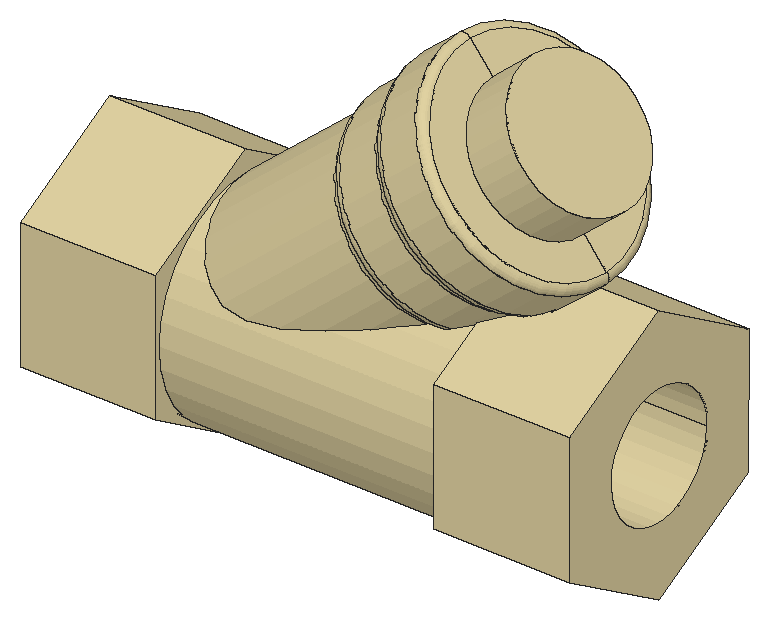
Revit family "DA02520000", category Apparecchi idraulici, Revit 2020
Family settings
  Quota connettore circolare = Usa diametro
  Tipo di parte = Normale
  Numero OmniClass = 23.45.00.00
  Titolo OmniClass = Sanitary, Laundry, and Cleaning Equipment
  Basato su piano di lavoro = No
  Sempre verticale = Sì
  Taglio con vuoti quando caricato = No
  Condiviso = No
  Punto di calcolo locali = No
Parameters
  URL = "https://web.cimberio.com/index.php/figura/671?subcategoria_id=33"
  Temperatura di esercizio = "-10 ÷ 60°C"
  Prospetto di default = 0 mm
  Produttore = "CIMBERIO SPA"
  Pressione nominale = "PN 20"
  Modello = "Cim 74AGCR"
  Materiale = "Prodotto in lega di ottone “CR” – “DZR\" conforme alla norma EN 1982-CC770S"
  Descrizione = "Utilizzato nell’impiantistica distributiva di gas a bassa pressione per le categorie:\r\nGas naturali: gas derivati dal petrolio (Metano) e gas di ricambio.\r\nGas di città: prodotti secondo i diversi procedimenti (Cracking - Cokerie - ecc.).\r\nGas liquidi: propano e miscele di gas propano/butano.\r\nProtegge e risolve le problematiche di installazione nella filtrazione dei gas, trattenendo impurità, sabbia, ruggine, trucioli metallici presenti nelle condutture, assicurando così una protezione totale all’impianto"
  DN Model [instance] = DA02521015 : DA02521015
  DN [instance] = 15 mm
  Commenti sul tipo = "Realizzato in ottemperanza ai requisiti gestionali della norma EN ISO 9001.\r\nCollaudato al 100% secondo la normativa EN 12266-1"
Reference planes
  plane 1 "Centro (Fronte/Retro)": y = 0
  plane 2: z = 0
  plane 3 "Centro (Sinistra/Destra)": x = 0
Dimensions and locks
  aligned and locked: level to plane 2
Nested families
  nested 1: "DA02521015" at (0, 0, 0), type <- "DN Model", type "DA02521015"
  nested 2: "DA02521015" at (0, 0, 0), type <- "DN Model", type "DA02521015"
  nested 3: "DA02521015" at (0, 0, 0), type <- "DN Model", type "DA02521015"
  nested 4: "DA02521015" at (0, 0, 0), type <- "DN Model", type "DA02521015"
  nested 5: "DA02521015" at (0, 0, 0), type <- "DN Model", type "DA02521015"
  nested 6: "DA02521015" at (0, 0, 0), type <- "DN Model", type "DA02521015"
Connectors
  piping at (34.004, 0, 0), diameter 15, driven by "DN"
    settings: on nested 1, index 1, connector inside diameter 609.6 mm, connector length 0 mm, flow factor 0, pipe flow 0.0 L/s, pressure drop 0.0 Pa, fitting loss kfactor 0, connector angle 0.00°, fixture units 0, engagement length 0 mm, angle of deflection 0.00°, flow configuration 0, flow direction 0, fitting loss method 0, system type 7, joint type 0, gender type 0, connector reference index -1, connector utility 0, adjustable connector no, is connector primary yes, connector description ""
  piping at (-34, 0, 0), diameter 15, driven by "DN"
    settings: on nested 1, index 2, connector inside diameter 609.6 mm, connector length 0 mm, flow factor 0, pipe flow 0.0 L/s, pressure drop 0.0 Pa, fitting loss kfactor 0, connector angle 0.00°, fixture units 0, engagement length 0 mm, angle of deflection 0.00°, flow configuration 0, flow direction 0, fitting loss method 0, system type 7, joint type 0, gender type 0, connector reference index -1, connector utility 0, adjustable connector no, is connector primary no, connector description ""
Definition of nested family "DA02521015"
  Parameters (values of type "DA02521015")
    Default Elevation = 0 mm
  Reference planes
    plane 1 "Centro (Fronte/Retro)": y = 0
    plane 2: z = 0
    plane 3 "Centro (Sinistra/Destra)": x = 0
  Forms (mm)
    Revolve 1, solid
      sketch origin (0, 0, 0) x (1, 0, 0) y (0, 0, 1)
        loop
          line (-19, -13.477) -> (19, -13.477) -> (19, -7.5) -> (-19, -7.5) -> (-19, -13.477)
        axis (-19, 0) -> (19, 0)
      angle from 0 to 360
    Revolve 2, solid
      sketch origin (-1.637, 0, -2.248) x (1, 0, 0) y (0, 0, 1)
        loop
          line (15.91, 36.061) -> (12.302, 40.36)
          arc (12.302, 40.36) -> (11.612, 40.72) -> (10.87, 40.486) r 1.017
          line (10.87, 40.486) -> (6.597, 36.9)
          arc (6.597, 36.9) -> (6.216, 36.404) -> (6.062, 35.799) r 1.559
          arc (6.062, 35.799) -> (5.909, 35.197) -> (5.533, 34.703) r 1.56
          line (5.533, 34.703) -> (1.109, 30.99)
          arc (1.109, 30.99) -> (0.725, 30.497) -> (0.576, 29.89) r 1.493
          arc (0.576, 29.89) -> (0.431, 29.291) -> (0.056, 28.801) r 1.493
          line (0.056, 28.801) -> (-19.963, 12.003) -> (-16.987, 8.457) -> (15.91, 36.061)
        axis (20.731, 30.316) -> (-12.167, 2.712)
      angle from 0 to 360
    Extrusion 3, solid
      sketch origin (0, 0, 0) x (0, 1, 0) y (0, 0, 1)
        loop
          circle (0, 0) r 7.5
        loop
          line (0, 16) -> (-13.856, 8) -> (-13.856, -8) -> (0, -16) -> (13.856, -8) -> (13.856, 8) -> (0, 16)
      from -34 to -17.201
    Extrusion 4, solid
      sketch origin (14.717, 0, 25.904) x (0, 1, 0) y (-0.642788, 0, 0.766044)
        loop
          circle (0, -1.145) r 8.831
      from 4.705 to 11.351
    Extrusion 5, solid
      sketch origin (0, 0, 0) x (0, 1, 0) y (0, 0, -1)
        loop
          circle (0, 0) r 7.5
        loop
          line (0, -16) -> (13.856, -8) -> (13.856, 8) -> (0, 16) -> (-13.856, 8) -> (-13.856, -8) -> (0, -16)
      from -34.004 to -17.201
  Dimensions and locks
    aligned and locked: level to plane 2
